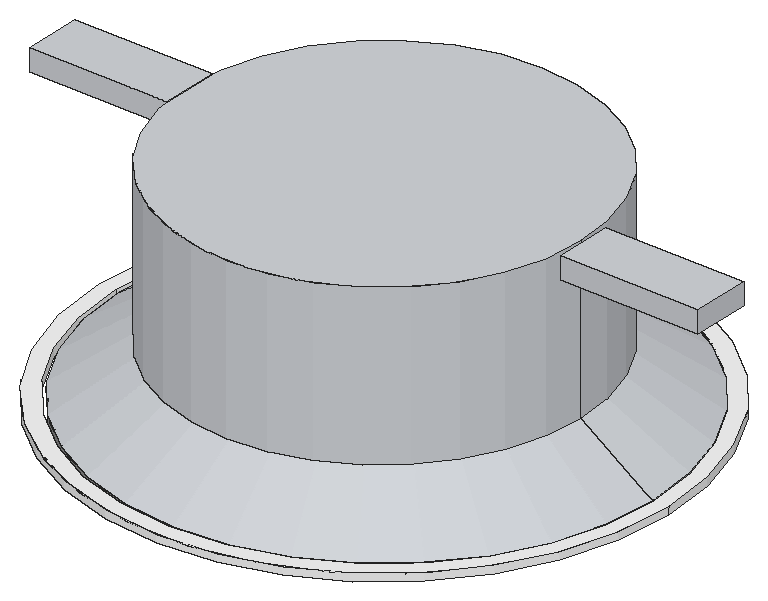
Revit family "FALCO-DOWN_LIGHT_LED_IP65_18W_O159+connect_3000K", category Lighting Fixtures, host Ceiling, Revit 2021
Family settings
  Host = Ceiling
  Round Connector Dimension = Use Diameter
  Part Type = Normal
  OmniClass Number = 23.80.70.11
  OmniClass Title = Luminaries for Internal Lighting
  Always vertical = Yes
  Cut with Voids When Loaded = No
  Light Source = Yes
  Shared = No
  Room Calculation Point = No
Parameters (values of type "Type 1")
  Wattage = 13.4642 W
  built-in parameter 1150110 = 1 (stored number, unit not read)
  URL = "https://www.lucera.fr/"
  built-in parameter 1114217 = 1 (stored number, unit not read)
  Tilt Angle = 90.00°
  built-in parameter 1150109 = 1 (stored number, unit not read)
  built-in parameter 1150134 = (empty or 0)
  built-in parameter 1150113 = 1 (stored number, unit not read)
  SDCM = "3"
  Puissance nominale = "18W"
  Photometric Web File = "google_eulumdat_converter.ies"
  Matériau = "Aluminium diffuseur PMMA"
  Manufacturer = "Lucera - Lucera (c) 06/01/2021 16:39:05 +01:00"  # constant formula
  Maintien du flux = "L80B10 (50 000 heures)"
  Lumens = 2000 lm
  built-in parameter 1150115 = 1 (stored number, unit not read)
  built-in parameter 1150105 = 159.15 (stored number, unit not read)
  built-in parameter 1150137 = (empty or 0)
  built-in parameter 1150139 = (empty or 0)
  built-in parameter 1150112 = 1 (stored number, unit not read)
  built-in parameter 1150114 = 1 (stored number, unit not read)
  Lamp = "LED XC-COB Bridgelux 2630"
  built-in parameter 1150132 = 2
  built-in parameter 1150102 = (empty or 0)
  built-in parameter 1150138 = (empty or 0)
  built-in parameter 1150107 = 3000 (stored number, unit not read)
  built-in parameter 1150106 = 1.5915 (stored number, unit not read)
  IRC = ">90"
  built-in parameter 1150104 = 13.8 (stored number, unit not read)
  Durée de vie = "50 000 heures"
  Driver = "Driver Lifud TUV CE CCC"
  Dimming Lamp Color Temperature Shift = <None>
  Dimensions = "Ø 159 mm, H = 60 mm"
  Dimension découpe = "Ø 145-150 mm"
  Default Elevation = 0 mm
  Couleur = "Blanc"
  Color Filter = 16777215
  built-in parameter 1114218 = 1 (stored number, unit not read)
  built-in parameter 1150133 = 10 (stored number, unit not read)
  Angle d'éclairage = "60°"
  Alimentation luminaire = "25-40V dc / 450mA"
  Alimentation Driver = "AC 220-240V"
Reference planes
  plane 1 "Light Source Axis (F/B)": y = 0
  plane 2: z = 0
  plane 3 "Light Source Axis (L/R)": x = 0
  plane 4 "Ceiling": z = 4000
  plane 5 "Light Source Elevation": z = 3985.451
Forms (mm)
  Extrusion 1, solid, material "Aluminum, Blanc"
    sketch origin (0, 0, 4000) x (0, 1, 0) y (-1, 0, 0)
      loop
        circle (0, 0.693) r 79.5
      loop
        circle (0, 0.693) r 75
    from -6.482 to -4.334
  Blend 2, solid
    base sketch origin (0, 0, 4000) x (0, 1, 0) y (-1, 0, 0)
      loop
        circle (0, 0) r 74.453
    top sketch origin (0, 0, 4000) x (0, 1, 0) y (-1, 0, 0)
      loop
        circle (0, 0) r 23.671
    from -4.334 to 30
  Extrusion 3, solid
    sketch origin (0, 0, 4000) x (0, 1, 0) y (-1, 0, 0)
      loop
        circle (0, 0.693) r 55
    from 8.873 to 53.518
  Extrusion 4, solid, material "diffuseur PMMA"
    sketch origin (0, 0, 4000) x (0, 1, 0) y (-1, 0, 0)
      loop
        circle (0, 0) r 74.453
    from -6.482 to -4.334
  Extrusion 5, solid
    sketch origin (0, 0, 4000) x (0, 1, 0) y (-1, 0, 0)
      loop
        line (7.841, -55) -> (-7.984, -55) -> (-7.984, -93.403) -> (7.841, -93.403) -> (7.841, -55)
    from 47.496 to 53.518
  Extrusion 6, solid
    sketch origin (0, 0, 4000) x (0, -1, 0) y (1, 0, 0)
      loop
        line (-7.841, -55) -> (-7.841, -93.403) -> (7.984, -93.403) -> (7.984, -55) -> (-7.841, -55)
    from 47.496 to 53.518
Lines and regions (mm)
  reference lines
    curve 1: line (0, 0, 4000) -> (13, 0, 4000)
    curve 2: line (0, 0, 3993.518) -> (0, 0, 4053.518)
    curve 3: line (0, 0, 4000) -> (0, -79.5, 4000)
    curve 4: line (0, 0, 4000) -> (20.5, 0, 4000)
Dimensions and locks
  equal spacing: host sketch curve, plane 3 "Light Source Axis (L/R)", host sketch curve
  equal spacing: host sketch curve, plane 1 "Light Source Axis (F/B)", host sketch curve
  host sketch curve to host sketch curve = 4000 mm  (x2)
  plane 4 "Ceiling" to host ceiling = 0 mm
  aligned and locked: plane 1 "Light Source Axis (F/B)" to imposter light
  aligned and locked: plane 5 "Light Source Elevation" to imposter light
